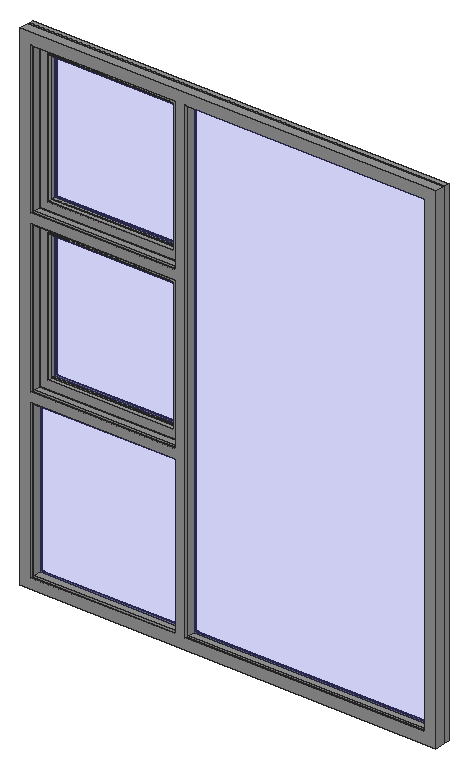
Revit family "MJ15 RH", category Windows, host Wall, Revit 2015
Parameters (values of type "MJ15 RH")
  Sash Width = 600 mm
  Sash Height = 1200 mm
  Height = 1800 mm
  Default Lintel Height = 2100 mm
  Wall Closure = By host
  Width = 1500 mm
Reference planes
  plane 1 "Center (Front/Back)": y = 0
  plane 2 "Center (Left/Right)": x = 0
  plane 3 "Left": x = -750
  plane 4 "Right": x = 750
  plane 5 "Sill": z = 300
  plane 6 "Head": z = 2100
  plane 7 "Exterior": y = 100
  plane 8 "Interior": y = -100
  plane 9: y = -28.5
  plane 10: y = 23.5
  plane 11: z = 900
  plane 12: x = -150
Forms (mm)
  Sweep 1, solid, material "Lauan, Meranti"
    path origin (0, 100, 0) x (-1, 0, 0) y (0, 0, -1)
      loop
        line (750, -2100) -> (750, -300) -> (-750, -300) -> (-750, -2100) -> (750, -2100)
    profile origin (0, 100, 2100) x (0, 0, 1) y (0, -1, 0)
      loop
        line (0, 71.5) -> (0, 86.5) -> (-10, 86.5) -> (-10, 94.5) -> (0, 94.5) -> (0, 128.5) -> (-39, 128.5) -> (-39, 122.5) -> (-44, 122.5) -> (-44, 96.5) -> (-40.5, 96.5) -> (-40.5, 102.5) -> (-37.5, 102.5) -> (-37.5, 96.5) -> (-29, 96.5) -> (-29, 71.5) -> (0, 71.5)
  Extrusion 2, solid, material "Glass"
    sketch origin (10500, 3.5, 2100) x (0, 0, -1) y (-1, 0, 0)
      loop
        line (29, 10665) -> (29, 9779) -> (1771, 9779) -> (1771, 10665) -> (29, 10665)
      loop
        line (1185, 11221) -> (1185, 10679) -> (1771, 10679) -> (1771, 11221) -> (1185, 11221)
    from 0 to 6.4
  Sweep 3, solid, material "Lauan, Meranti"
    path origin (10500, 23.5, 2100) x (0, 0, -1) y (-1, 0, 0)
      loop
        line (29, 10665) -> (29, 9779) -> (1771, 9779) -> (1771, 10665) -> (29, 10665)
    profile origin (278, 23.5, 2071) x (0, 0, -1) y (0, 1, 0)
      loop
        line (0, 1.4) -> (0, -13.6) -> (15, -13.6) -> (15, -8.6) -> (13, -8.6)
        arc (13, -8.6) -> (10.071, -1.529) -> (3, 1.4) r 10
        line (3, 1.4) -> (0, 1.4)
  Sweep 4, solid, material "Rubber"
    path origin (10500, 23.5, 2100) x (0, 0, -1) y (-1, 0, 0)
      loop
        line (29, 11221) -> (29, 10679) -> (593, 10679) -> (593, 11221) -> (29, 11221)
    profile origin (-450, 23.5, 2071) x (0, 0, -1) y (0, 1, 0)
      loop
        line (5, -17) -> (5, -20) -> (9, -20) -> (9, -22.43) -> (8, -22.43) -> (9, -22.698) -> (9, -24.464) -> (8, -24.464) -> (10, -25) -> (12, -24.464) -> (11, -24.464) -> (11, -22.698) -> (12, -22.43) -> (11, -22.43) -> (11, -20) -> (15, -20) -> (15, -17) -> (10, -15) -> (5, -17)
  Sweep 5, solid, material "Rubber"
    path origin (10500, 23.5, 1522) x (0, 0, -1) y (-1, 0, 0)
      loop
        line (29, 11221) -> (29, 10679) -> (593, 10679) -> (593, 11221) -> (29, 11221)
    profile origin (-450, 23.5, 1493) x (0, 0, -1) y (0, 1, 0)
      loop
        line (5, -17) -> (5, -20) -> (9, -20) -> (9, -22.43) -> (8, -22.43) -> (9, -22.698) -> (9, -24.464) -> (8, -24.464) -> (10, -25) -> (12, -24.464) -> (11, -24.464) -> (11, -22.698) -> (12, -22.43) -> (11, -22.43) -> (11, -20) -> (15, -20) -> (15, -17) -> (10, -15) -> (5, -17)
  Sweep 6, solid, material "Lauan, Meranti"
    path origin (10500, 23.5, 2100) x (0, 0, -1) y (-1, 0, 0)
      loop
        line (29, 11221) -> (29, 10679) -> (593, 10679) -> (593, 11221) -> (29, 11221)
    profile origin (-450, 23.5, 2071) x (0, 0, -1) y (0, 1, 0)
      loop
        line (-5, 5) -> (12, 5) -> (12, -2) -> (14, -2.536) -> (14, -7.464) -> (12, -8) -> (12, -13) -> (10, -13) -> (10, -17) -> (43, -17) -> (43, -14)
        arc (43, -14) -> (47.243, -12.243) -> (49, -8) r 6
        line (49, -8) -> (52, -8) -> (52, 0) -> (43, 0) -> (43, 25) -> (1, 25)
        arc (1, 25) -> (-3.242, 23.243) -> (-5, 19) r 6
        line (-5, 19) -> (-5, 5)
  Extrusion 7, solid, material "Glass"
    sketch origin (10500, 23.5, 2100) x (0, 0, -1) y (-1, 0, 0)
      loop
        line (72, 11178) -> (72, 10722) -> (550, 10722) -> (550, 11178) -> (72, 11178)
      loop
        line (650.011, 11177.986) -> (650.011, 10722) -> (1128, 10722) -> (1128, 11177.986) -> (650.011, 11177.986)
    from 0 to 6.4
  Sweep 8, solid, material "Lauan, Meranti"
    path origin (0, 100, 0) x (-1, 0, 0) y (0, 0, -1)
      loop
        line (678, -2028) -> (678, -1550) -> (222, -1550) -> (222, -2028) -> (678, -2028)
    profile origin (-450, 100, 2028) x (0, 0, 1) y (0, -1, 0)
      loop
        line (0, 62.1) -> (0, 70.1) -> (-9, 70.1) -> (-9, 68.1) -> (-7, 68.1)
        arc (-7, 68.1) -> (-4.67, 63.734) -> (0, 62.1) r 6.807
  Sweep 9, solid, material "Lauan, Meranti"
    path origin (10500, 23.5, 1522) x (0, 0, -1) y (-1, 0, 0)
      loop
        line (29, 11221) -> (29, 10679) -> (593, 10679) -> (593, 11221) -> (29, 11221)
    profile origin (-450, 23.5, 1493) x (0, 0, -1) y (0, 1, 0)
      loop
        line (-5, 5) -> (12, 5) -> (12, -2) -> (14, -2.536) -> (14, -7.464) -> (12, -8) -> (12, -13) -> (10, -13) -> (10, -17) -> (43, -17) -> (43, -14)
        arc (43, -14) -> (47.243, -12.243) -> (49, -8) r 6
        line (49, -8) -> (52, -8) -> (52, 0) -> (43, 0) -> (43, 25) -> (1, 25)
        arc (1, 25) -> (-3.242, 23.243) -> (-5, 19) r 6
        line (-5, 19) -> (-5, 5)
  Sweep 10, solid, material "Lauan, Meranti"
    path origin (0, 100, -578) x (-1, 0, 0) y (0, 0, -1)
      loop
        line (678, -2028) -> (678, -1550) -> (222, -1550) -> (222, -2028) -> (678, -2028)
    profile origin (-450, 100, 1450) x (0, 0, 1) y (0, -1, 0)
      loop
        line (0, 62.1) -> (0, 70.1) -> (-9, 70.1) -> (-9, 68.1) -> (-7, 68.1)
        arc (-7, 68.1) -> (-4.67, 63.734) -> (0, 62.1) r 6.807
  Sweep 11, solid, material "Lauan, Meranti"
    path origin (10500, 23.5, 2100) x (0, 0, -1) y (-1, 0, 0)
      loop
        line (1185, 11221) -> (1185, 10679) -> (1771, 10679) -> (1771, 11221) -> (1185, 11221)
    profile origin (-450, 23.5, 915) x (0, 0, -1) y (0, 1, 0)
      loop
        line (3, 1.4) -> (0, 1.4) -> (0, -13.6) -> (15, -13.6) -> (15, -8.6) -> (13, -8.6)
        arc (13, -8.6) -> (10.071, -1.529) -> (3, 1.4) r 10
  Extrusion 12, solid, material "Lauan, Meranti"
    sketch origin (-172, 0, -170) x (1, 0, 0) y (0, 1, 0)
      loop
        line (22, -22.5) -> (22, 3.5) -> (18.5, 3.5) -> (18.5, -2.5) -> (15.5, -2.5) -> (15.5, 3.5) -> (7, 3.5) -> (7, 28.5) -> (-7, 28.5) -> (-7, 3.5) -> (-15.5, 3.5) -> (-15.5, -2.5) -> (-18.5, -2.5) -> (-18.5, 3.5) -> (-22, 3.5) -> (-22, -22.5) -> (-17, -22.5) -> (-17, -28.5) -> (17, -28.5) -> (17, -22.5) -> (22, -22.5)
    from 499 to 2241
  Extrusion 13, solid, material "Lauan, Meranti"
    sketch origin (-42.612, 0, 1139) x (0, -1, 0) y (0, 0, -1)
      loop
        line (28.5, 234) -> (22.5, 234) -> (22.5, 239) -> (-3.5, 239) -> (-3.5, 235.5) -> (2.5, 235.5) -> (2.5, 232.5) -> (-3.5, 232.5) -> (-3.5, 224) -> (-28.5, 224) -> (-28.5, 210) -> (-3.5, 210) -> (-3.5, 201.5) -> (2.5, 201.5) -> (2.5, 198.5) -> (-3.5, 198.5) -> (-3.5, 195) -> (22.5, 195) -> (22.5, 200) -> (28.5, 200) -> (28.5, 234)
    from -678.388 to -136.388
  Extrusion 14, solid, material "Lauan, Meranti"
    sketch origin (-162.612, 0, 1139) x (0, -1, 0) y (0, 0, -1)
      loop
        line (28.5, -344) -> (22.5, -344) -> (22.5, -339) -> (-3.5, -339) -> (-3.5, -342.5) -> (2.5, -342.5) -> (2.5, -345.5) -> (-3.5, -345.5) -> (-3.5, -354) -> (-28.5, -354) -> (-28.5, -368) -> (-3.5, -368) -> (-3.5, -376.5) -> (2.5, -376.5) -> (2.5, -379.5) -> (-3.5, -379.5) -> (-3.5, -383) -> (22.5, -383) -> (22.5, -378) -> (28.5, -378) -> (28.5, -344)
    from -558.388 to -16.388
Cuts and joins
  joined: Sweep 1, Extrusion 12, Extrusion 13, Extrusion 14
Lines and regions (mm)
  Opening 1
    outline origin (-5000, 100, 0) x (-1, 0, 0) y (0, 0, 1)
      loop
        line (-4250, 300) -> (-4250, 2100) -> (-5750, 2100) -> (-5750, 300) -> (-4250, 300)
  model lines
    curve 1: line (-726, 48.5, 2076) -> (-450, 48.5, 1502)
    curve 2: line (-450, 48.5, 1502) -> (-173.918, 48.5, 2076.08)
    curve 3: line (-726, 48.5, 1498) -> (-450, 48.5, 924)
    curve 4: line (-450, 48.5, 924) -> (-173.918, 48.5, 1498.08)
Text (mm)
  text "EXTERIOR" at (-1963.203, 1332.353, 0), in view "Ref. Level"
  text "INTERIOR" at (-1981.466, -818.386, 0), in view "Ref. Level"
  text "Exterior" at (0, 923.751, 2943.296), in view "Right"
  text "Exterior" at (0, 1040.484, 2685.409), in view "Left"
Dimensions and locks
  equal spacing: plane 3 "Left", plane 2 "Center (Left/Right)", plane 4 "Right"
  "Width": plane 3 "Left" to plane 4 "Right"
  "Height": plane 5 "Sill" to plane 6 "Head"
  "Default Lintel Height": plane 6 "Head" to level
  locked: plane 7 "Exterior" to host wall at 0
  locked: plane 8 "Interior" to host wall
  locked: plane 10 to plane 9 at 52
  "Sash Height": plane 11 to plane 6 "Head"
  "Sash Width": plane 12 to plane 3 "Left"
  aligned and locked: Sweep 1 to Sweep 3 sketch curve  (x2)
  aligned and locked: Sweep 3 sketch curve to Sweep 1
  aligned and locked: Extrusion 2 sketch curve to Sweep 1  (x2)
  aligned and locked: Sweep 1 to Extrusion 2 sketch curve
  aligned and locked: Sweep 3 sketch curve to Extrusion 2
  aligned and locked: Sweep 1 to Sweep 4 sketch curve
  aligned and locked: Sweep 4 sketch curve to Sweep 1
  aligned and locked: Sweep 5 sketch curve to Sweep 1
  aligned and locked: Sweep 6 to Extrusion 7 sketch curve  (x2)
  aligned and locked: Extrusion 7 sketch curve to Sweep 6  (x2)
  aligned and locked: Sweep 8 sketch curve to Sweep 6  (x4)
  aligned and locked: Sweep 10 sketch curve to Sweep 9  (x4)
  aligned and locked: Sweep 1 to Sweep 6 sketch curve
  aligned and locked: Sweep 6 sketch curve to Sweep 1
  aligned and locked: Sweep 9 sketch curve to Sweep 1
  aligned and locked: Sweep 11 sketch curve to Extrusion 2  (x3)
  aligned and locked: Sweep 1 to Extrusion 12  (x2)
  aligned and locked: Sweep 1 to Extrusion 13
  aligned and locked: Extrusion 2 to Extrusion 13
  aligned and locked: Extrusion 12 to Extrusion 14
  aligned and locked: Sweep 1 to Extrusion 14
Automatic sketch dimensions
  curve 4 to plane 11 = 24 mm
  curve 4 to plane 3 "Left" = 300 mm
  curve 2 to plane 3 "Left" = 300 mm
  curve 4 to curve 2 = 578 mm
  curve 1 to plane 3 "Left" = 24 mm
  curve 3 to plane 3 "Left" = 24 mm
  curve 4 to plane 12 = 23.918 mm
  curve 2 to plane 12 = 23.918 mm
  curve 3 to curve 2 = 4 mm
  curve 4 to curve 1 = 3.92 mm
  plane 6 "Head" to curve 1 = 24 mm
  plane 6 "Head" to curve 2 = 23.92 mm
  plane 4 "Right" to Opening 1 sketch curve = 0 mm
  plane 3 "Left" to Opening 1 sketch curve = 0 mm
  Opening 1 sketch curve to plane 5 "Sill" = 0 mm
  Opening 1 sketch curve to plane 6 "Head" = 0 mm
  plane 4 "Right" to Sweep 1 sketch curve = 0 mm
  plane 3 "Left" to Sweep 1 sketch curve = 0 mm
  Sweep 1 sketch curve to plane 6 "Head" = 0 mm
  Sweep 1 sketch curve to plane 5 "Sill" = 0 mm
  profile plane to Sweep 1 sketch curve = 0 mm  (x2)
  profile plane to Sweep 1 sketch curve = 10 mm
  Sweep 1 sketch curve to Sweep 1 sketch curve = 19 mm
  Sweep 1 sketch curve to Sweep 1 sketch curve = 8.5 mm
  Sweep 1 sketch curve to Sweep 1 sketch curve = 1.5 mm
  Sweep 1 sketch curve to Sweep 1 sketch curve = 3 mm
  Sweep 1 sketch curve to Sweep 1 sketch curve = 5 mm
  profile plane to Sweep 1 sketch curve = 71.5 mm
  Sweep 1 sketch curve to Sweep 1 sketch curve = 15 mm
  Sweep 1 sketch curve to Sweep 1 sketch curve = 8 mm
  Sweep 1 sketch curve to Sweep 1 sketch curve = 25 mm
  Sweep 1 sketch curve to Sweep 1 sketch curve = 0 mm
  Sweep 1 sketch curve to Sweep 1 sketch curve = 6 mm
  Sweep 1 sketch curve to Sweep 1 sketch curve = 20 mm
  Sweep 1 sketch curve to Sweep 1 sketch curve = 34 mm
  Extrusion 2 sketch curve to plane 11 = 15 mm
  Extrusion 2 sketch curve to plane 5 "Sill" = 29 mm  (x2)
  Extrusion 2 sketch curve to plane 12 = 15 mm
  Extrusion 2 sketch curve to Extrusion 2 sketch curve = 14 mm
  Extrusion 2 sketch curve to plane 3 "Left" = 29 mm
  Sweep 3 sketch curve to profile plane = 0 mm
  profile plane to Sweep 3 sketch curve = 1.4 mm
  Sweep 3 sketch curve to Sweep 3 sketch curve = 3 mm
  Sweep 3 sketch curve to profile plane = 8.6 mm
  Sweep 3 sketch curve to Sweep 3 sketch curve = 2 mm
  Sweep 3 sketch curve to Sweep 3 sketch curve = 5 mm
  Sweep 4 sketch curve to Sweep 4 sketch curve = 564 mm
  Sweep 4 sketch curve to plane 12 = 29 mm
  Sweep 4 sketch curve to profile plane = 5 mm
  Sweep 4 sketch curve to Sweep 4 sketch curve = 3 mm  (x3)
  Sweep 4 sketch curve to Sweep 4 sketch curve = 0 mm  (x2)
  Sweep 4 sketch curve to Sweep 4 sketch curve = 1 mm  (x7)
  Sweep 4 sketch curve to Sweep 4 sketch curve = 4 mm
  Sweep 4 sketch curve to profile plane = 25 mm
  Sweep 4 sketch curve to Sweep 4 sketch curve = 0.536 mm  (x2)
  Sweep 4 sketch curve to Sweep 4 sketch curve = 1.766 mm  (x2)
  Sweep 4 sketch curve to Sweep 4 sketch curve = 0.268 mm  (x2)
  Sweep 4 sketch curve to Sweep 4 sketch curve = 2.43 mm  (x2)
  Sweep 4 sketch curve to Sweep 4 sketch curve = 5 mm
  Sweep 5 sketch curve to plane 12 = 29 mm
  Sweep 5 sketch curve to plane 11 = 593 mm
  Sweep 5 sketch curve to plane 11 = 29 mm
  Sweep 5 sketch curve to profile plane = 5 mm
  Sweep 5 sketch curve to Sweep 5 sketch curve = 3 mm  (x3)
  Sweep 5 sketch curve to Sweep 5 sketch curve = 0 mm  (x2)
  Sweep 5 sketch curve to Sweep 5 sketch curve = 1 mm  (x7)
  Sweep 5 sketch curve to Sweep 5 sketch curve = 4 mm
  Sweep 5 sketch curve to profile plane = 25 mm
  Sweep 5 sketch curve to Sweep 5 sketch curve = 0.536 mm  (x2)
  Sweep 5 sketch curve to Sweep 5 sketch curve = 1.766 mm  (x2)
  Sweep 5 sketch curve to Sweep 5 sketch curve = 0.268 mm  (x2)
  Sweep 5 sketch curve to Sweep 5 sketch curve = 2.43 mm  (x2)
  Sweep 5 sketch curve to Sweep 5 sketch curve = 5 mm
  Sweep 6 sketch curve to Sweep 6 sketch curve = 564 mm
  Sweep 6 sketch curve to plane 12 = 29 mm
  Sweep 6 sketch curve to profile plane = 0 mm
  profile plane to Sweep 6 sketch curve = 5 mm  (x2)
  Sweep 6 sketch curve to profile plane = 1 mm
  Sweep 6 sketch curve to profile plane = 10 mm
  Sweep 6 sketch curve to profile plane = 2 mm
  Sweep 6 sketch curve to Sweep 6 sketch curve = 2 mm  (x3)
  Sweep 6 sketch curve to profile plane = 14 mm
  Sweep 6 sketch curve to Sweep 6 sketch curve = 29 mm
  Sweep 6 sketch curve to Sweep 6 sketch curve = 0 mm
  Sweep 6 sketch curve to Sweep 6 sketch curve = 6 mm
  Sweep 6 sketch curve to Sweep 6 sketch curve = 3 mm  (x2)
  Sweep 6 sketch curve to Sweep 6 sketch curve = 4 mm
  Sweep 6 sketch curve to Sweep 6 sketch curve = 5 mm
  Sweep 6 sketch curve to Sweep 6 sketch curve = 0.536 mm  (x2)
  Sweep 6 sketch curve to Sweep 6 sketch curve = 14 mm
  Extrusion 7 sketch curve to Extrusion 7 sketch curve = 100.012 mm
  Extrusion 7 sketch curve to plane 11 = 72 mm
  Extrusion 7 sketch curve to plane 12 = 72 mm
  Extrusion 7 sketch curve to plane 3 "Left" = 72.014 mm
  profile plane to Sweep 8 sketch curve = 0 mm
  profile plane to Sweep 8 sketch curve = 0.241 mm
  Sweep 8 sketch curve to Sweep 8 sketch curve = 6.759 mm
  Sweep 8 sketch curve to Sweep 8 sketch curve = 2 mm  (x2)
  profile plane to Sweep 8 sketch curve = 62.1 mm
  Sweep 8 sketch curve to Sweep 8 sketch curve = 6 mm
  Sweep 9 sketch curve to plane 12 = 29 mm
  Sweep 9 sketch curve to plane 11 = 593 mm
  Sweep 9 sketch curve to plane 11 = 29 mm
  Sweep 9 sketch curve to profile plane = 0 mm
  profile plane to Sweep 9 sketch curve = 5 mm  (x2)
  Sweep 9 sketch curve to profile plane = 1 mm
  Sweep 9 sketch curve to profile plane = 10 mm
  Sweep 9 sketch curve to profile plane = 2 mm
  Sweep 9 sketch curve to Sweep 9 sketch curve = 2 mm  (x3)
  Sweep 9 sketch curve to profile plane = 14 mm
  Sweep 9 sketch curve to Sweep 9 sketch curve = 29 mm
  Sweep 9 sketch curve to Sweep 9 sketch curve = 0 mm
  Sweep 9 sketch curve to Sweep 9 sketch curve = 6 mm
  Sweep 9 sketch curve to Sweep 9 sketch curve = 3 mm  (x2)
  Sweep 9 sketch curve to Sweep 9 sketch curve = 4 mm
  Sweep 9 sketch curve to Sweep 9 sketch curve = 5 mm
  Sweep 9 sketch curve to Sweep 9 sketch curve = 0.536 mm  (x2)
  Sweep 9 sketch curve to Sweep 9 sketch curve = 14 mm
  profile plane to Sweep 10 sketch curve = 0 mm
  profile plane to Sweep 10 sketch curve = 0.241 mm
  Sweep 10 sketch curve to Sweep 10 sketch curve = 6.759 mm
  Sweep 10 sketch curve to Sweep 10 sketch curve = 2 mm  (x2)
  profile plane to Sweep 10 sketch curve = 62.1 mm
  Sweep 10 sketch curve to Sweep 10 sketch curve = 6 mm
  Sweep 11 sketch curve to plane 12 = 29 mm
  Sweep 11 sketch curve to profile plane = 0 mm
  profile plane to Sweep 11 sketch curve = 1.4 mm
  Sweep 11 sketch curve to Sweep 11 sketch curve = 3 mm
  Sweep 11 sketch curve to profile plane = 8.6 mm
  Sweep 11 sketch curve to Sweep 11 sketch curve = 2 mm
  Sweep 11 sketch curve to Sweep 11 sketch curve = 5 mm
  Extrusion 12 sketch curve to plane 9 = 0 mm
  Extrusion 12 sketch curve to plane 12 = 0 mm
  Extrusion 12 sketch curve to Extrusion 12 sketch curve = 3.5 mm  (x2)
  Extrusion 12 sketch curve to Extrusion 12 sketch curve = 5 mm
  Extrusion 12 sketch curve to Extrusion 12 sketch curve = 3 mm  (x2)
  plane 10 to Extrusion 12 sketch curve = 5 mm
  Extrusion 12 sketch curve to plane 12 = 15 mm
  Extrusion 12 sketch curve to Extrusion 12 sketch curve = 14 mm
  host wall to Extrusion 12 sketch curve = 2.5 mm  (x2)
  Extrusion 12 sketch curve to Extrusion 12 sketch curve = 8.5 mm
  Extrusion 12 sketch curve to Extrusion 12 sketch curve = 1.5 mm
  plane 9 to Extrusion 12 sketch curve = 6 mm  (x2)
  Extrusion 12 sketch curve to host wall = 3.5 mm  (x3)
  Extrusion 12 sketch curve to Extrusion 12 sketch curve = 0 mm
  plane 11 to Extrusion 13 sketch curve = 0 mm
  Extrusion 13 sketch curve to plane 9 = 0 mm
  plane 9 to Extrusion 13 sketch curve = 6 mm  (x2)
  host wall to Extrusion 13 sketch curve = 2.5 mm  (x2)
  Extrusion 13 sketch curve to host wall = 3.5 mm  (x3)
  Extrusion 13 sketch curve to Extrusion 13 sketch curve = 0 mm
  plane 10 to Extrusion 13 sketch curve = 5 mm
  Extrusion 13 sketch curve to plane 11 = 3.5 mm
  Extrusion 13 sketch curve to plane 11 = 5 mm
  Extrusion 13 sketch curve to Extrusion 13 sketch curve = 3 mm  (x2)
  Extrusion 13 sketch curve to Extrusion 13 sketch curve = 8.5 mm  (x2)
  Extrusion 13 sketch curve to Extrusion 13 sketch curve = 14 mm
  Extrusion 13 sketch curve to Extrusion 13 sketch curve = 1.5 mm
  Extrusion 13 sketch curve to Extrusion 13 sketch curve = 5 mm
  Extrusion 14 sketch curve to plane 9 = 0 mm
  plane 9 to Extrusion 14 sketch curve = 6 mm  (x2)
  host wall to Extrusion 14 sketch curve = 2.5 mm  (x2)
  Extrusion 14 sketch curve to host wall = 3.5 mm  (x3)
  Extrusion 14 sketch curve to Extrusion 14 sketch curve = 0 mm
  plane 10 to Extrusion 14 sketch curve = 5 mm
  plane 6 "Head" to Extrusion 14 sketch curve = 578 mm
  Extrusion 14 sketch curve to Extrusion 14 sketch curve = 3.5 mm  (x2)
  Extrusion 14 sketch curve to Extrusion 14 sketch curve = 5 mm
  Extrusion 14 sketch curve to Extrusion 14 sketch curve = 3 mm  (x2)
  Extrusion 14 sketch curve to Extrusion 14 sketch curve = 8.5 mm  (x2)
  Extrusion 14 sketch curve to Extrusion 14 sketch curve = 14 mm
  Extrusion 14 sketch curve to Extrusion 14 sketch curve = 1.5 mm
